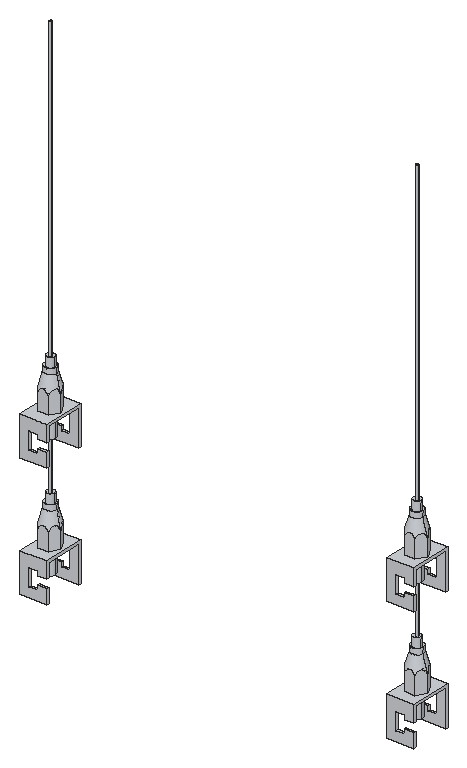
Revit family "Gripple Trapeze Plus with Cable Basket Adaptor - Assembly", category Specialty Equipment, Revit 2017
Family settings
  Round Connector Dimension = Use Diameter
  Part Type = Normal
  Work Plane-Based = Yes
  Always vertical = Yes
  Cut with Voids When Loaded = Yes
  Shared = No
  Room Calculation Point = No
Parameters (values of type "TZ2+ CBA")
  Suspension End Fixing [instance] = ""
  Schedule Discipline [instance] = ""
  Hanger SWL (kg) = "45kg"
  Basket Separation Distance [instance] = 100 mm
  Schedule Level [instance] = ""
  Schedule Area [instance] = ""
  Go to URL [instance] = "http://www.gripple.co.uk/gb/en/p20/a6/trapeze-plus"
  Driver - Lower Basket Distance Wire Length [instance] = Lower Basket Distance From Soffit - 16 mm  # 384 mm
  Basket Size [instance] = 300 mm
  Lower Basket Distance From Soffit [instance] = 400 mm
  URL = "http://www.gripple.co.uk/gb/en/p20/a6/trapeze-plus"
  Model = "TZ2+ CBA"
  Manufacturer = "Gripple Ltd"
  Default Elevation = 0 mm
  Assembly SWL (kg) = "90kg"
  Assembly Code = "MTZ2 CBA"
  1 Tier (N) or 2 Tier (Y) [instance] = yes
Reference planes
  plane 1 "Center (Front/Back)": y = 0
  plane 2: z = 0
  plane 3 "Center (Left/Right)": x = 0
  plane 4 "Upper Basket": z = -300
  plane 5 "Lower TZ+ Fixing Face": z = -384
  plane 6 "LH TZ+": x = -150
  plane 7 "RH TZ+": x = 150
  plane 8 "Lower Basket": z = -400
  plane 9 "Upper TZ+ Fixing Face": z = -284
Lines and regions (mm)
  model lines
    curve 1: line (-150, 0, 0) -> (150, 0, 0)
  model lines, detail levels coarse
    curve 2: line (-150, 0, 0) -> (-150, 0, -400)
    curve 3: line (150, 0, 0) -> (150, 0, -400)
Dimensions and locks
  plane 5 "Lower TZ+ Fixing Face" to plane 2 = 384 mm
  "Basket Separation Distance": plane 4 "Upper Basket" to plane 8 "Lower Basket"
  "Basket Size": plane 7 "RH TZ+" to plane 6 "LH TZ+"
  equal spacing: plane 7 "RH TZ+", plane 3 "Center (Left/Right)", plane 6 "LH TZ+"
  "Lower Basket Distance From Soffit": plane 2 to plane 8 "Lower Basket"
  locked: plane 5 "Lower TZ+ Fixing Face" to plane 8 "Lower Basket" at 16
  locked: plane 9 "Upper TZ+ Fixing Face" to plane 4 "Upper Basket" at 16
  aligned and locked: level to plane 2
  aligned and locked: plane 7 "RH TZ+" to curve 1
  aligned and locked: plane 6 "LH TZ+" to curve 1
  aligned and locked: plane 1 "Center (Front/Back)" to curve 1
  aligned and locked: plane 2 to curve 2
  aligned and locked: plane 8 "Lower Basket" to curve 2
  aligned and locked: curve 2 to plane 6 "LH TZ+"
  aligned and locked: plane 2 to curve 3
  aligned and locked: plane 8 "Lower Basket" to curve 3
  aligned and locked: curve 3 to plane 7 "RH TZ+"
  aligned and locked: plane 6 "LH TZ+" to nested 1
  aligned and locked: plane 1 "Center (Front/Back)" to nested 1
  aligned and locked: plane 7 "RH TZ+" to nested 2
  aligned and locked: plane 1 "Center (Front/Back)" to nested 2
  aligned and locked: plane 5 "Lower TZ+ Fixing Face" to nested 3
  aligned and locked: nested 3 to plane 6 "LH TZ+"
  aligned and locked: nested 4 to plane 7 "RH TZ+"
  aligned and locked: plane 5 "Lower TZ+ Fixing Face" to nested 4
Nested families
  nested 1: "Gripple Trapeze Plus with Cable Basket Adaptor Accessory" at (-150, 0, -284), Schedule Area <- "Schedule Area", Schedule Discipline <- "Schedule Discipline", Schedule Level <- "Schedule Level", visible <- "1 Tier (N) or 2 Tier (Y)", type "MTZ2 - CBA"
    with Schedule Level "", Schedule Discipline "", Schedule Area "", Go To URL "http://www.gripple.co.uk/gb/en/p20/a6/trapeze-plus"
  nested 2: "Gripple Trapeze Plus with Cable Basket Adaptor Accessory" at (150, 0, -284), Schedule Area <- "Schedule Area", Schedule Discipline <- "Schedule Discipline", Schedule Level <- "Schedule Level", visible <- "1 Tier (N) or 2 Tier (Y)", type "MTZ2 - CBA"
    with Schedule Level "", Schedule Discipline "", Schedule Area "", Go To URL "http://www.gripple.co.uk/gb/en/p20/a6/trapeze-plus"
  nested 3: "Gripple Trapeze Plus with Cable Basket Adaptor - Hanger" at (-150, 0, -384), Distance From Upper Fixing <- "Driver - Lower Basket Distance Wire Length", Schedule Area <- "Schedule Area", Schedule Discipline <- "Schedule Discipline", Schedule Level <- "Schedule Level", Suspension End Fixing <- "Suspension End Fixing", type "MTZ2 - CBA"
    with total length 443 mm, Suspension End Fixing "", Schedule Level "", Schedule Discipline "", Schedule Area "", Gripple Kit Length (m) 1 mm, Go To URL "http://www.gripple.co.uk/gb/en/p20/a6/trapeze-plus", Distance From Upper Fixing 384 mm
  nested 4: "Gripple Trapeze Plus with Cable Basket Adaptor - Hanger" at (150, 0, -384), Distance From Upper Fixing <- "Driver - Lower Basket Distance Wire Length", Schedule Area <- "Schedule Area", Schedule Discipline <- "Schedule Discipline", Schedule Level <- "Schedule Level", Suspension End Fixing <- "Suspension End Fixing", type "MTZ2 - CBA"
    with total length 443 mm, Suspension End Fixing "", Schedule Level "", Schedule Discipline "", Schedule Area "", Gripple Kit Length (m) 1 mm, Go To URL "http://www.gripple.co.uk/gb/en/p20/a6/trapeze-plus", Distance From Upper Fixing 384 mm
Definition of nested family "Gripple Trapeze Plus with Cable Basket Adaptor Accessory"
  Parameters (values of type "MTZ2 - CBA")
    WD/2 = WD / 2  # 1 mm
    WD = 2 mm
    UL = 59 mm
    TTD = 6.5 mm
    Schedule Level [instance] = ""
    Schedule Discipline [instance] = ""
    Schedule Area [instance] = ""
    MTL = 20 mm
    MTD = 8 mm
    KNW = 4 mm
    KND = 10 mm
    HH = 14 mm
    BNT = UL - MTL  # 39 mm
    BH = 28 mm
    Go To URL [instance] = "http://www.gripple.co.uk/gb/en/p20/a6/trapeze-plus"
    URL = "http://www.gripple.co.uk/gb/en/p20/a6/trapeze-plus"
    Model = "Trapeze Plus No2 - CBA"
    Manufacturer = "Gripple Ltd"  # constant formula
    Default Elevation = 0 mm
    Assembly Code = "MTZ2 - CBA"
    AF = 15 mm
    AC = ((2 / 3) * (sqrt(3)) * AF)  # 17.321 mm
  Reference planes
    plane 1 "Center (Front/Back)": y = 0
    plane 2: z = 0
    plane 3 "Center (Left/Right)": x = 0
    plane 4: x = -4
    plane 5: x = 4
    plane 6 "bottom": z = -20
    plane 7: y = 7.5
    plane 8: y = -7.5
    plane 9 "top of hex": z = 14
    plane 10: z = 28
    plane 11: z = 32
    plane 12: z = 39
    plane 13: x = -5
    plane 14: x = 5
    plane 15: x = -3.25
    plane 16: x = 3.25
    plane 17: x = -8.66
    plane 18: x = 8.66
    plane 19: z = -32
    plane 20: z = -2
    plane 21: y = -15.5
    plane 22 "Right Face": y = -17.5
    plane 23 "Left Face": y = 17.5
    plane 24: y = 15.5
    plane 25: z = -17
    plane 26: z = -13.5
    plane 27: z = -20.5
    plane 28: x = -3.5
    plane 29: x = 3.5
    plane 30: z = -10
    plane 31: z = -24
  Forms (mm)
    Extrusion 1, solid, detail levels medium+fine
      sketch origin (0, 0, -20) x (-1, 0, 0) y (0, -1, 0)
        loop
          line (4.33, -7.5) -> (8.66, 0) -> (4.33, 7.5) -> (-4.33, 7.5) -> (-8.66, 0) -> (-4.33, -7.5) -> (4.33, -7.5)
      from 0 to 59 <- "UL"
    Revolve 2, void, detail levels medium+fine
      sketch origin (0, 0, 0) x (1, 0, 0) y (0, 0, 1)
        loop
          line (-8.66, 14) -> (-5, 28) -> (-5, 32) -> (-3.25, 32) -> (-3.25, 39) -> (-8.66, 39) -> (-8.66, 14)
        axis (0, 39) -> (0, 14)
      angle from 0 to 360
    Revolve 3, void, detail levels medium+fine
      sketch origin (0, 0, 0) x (1, 0, 0) y (0, 0, 1)
        loop
          line (-8.66, 0) -> (-8.66, -20) -> (-4, -20) -> (-4, 0) -> (-8.66, 0)
        axis (0, -20) -> (0, 0)
      angle from 0 to 360
    Extrusion 4, solid
      sketch origin (0, 0, 0) x (0, 1, 0) y (0, 0, 1)
        loop
          line (17.5, -32) -> (17.5, 0) -> (-17.5, 0) -> (-17.5, -32) -> (-15.5, -32) -> (-15.5, -2) -> (15.5, -2) -> (15.5, -32) -> (17.5, -32)
      from -11 to 11
    Extrusion 5, void
      sketch origin (0, 17.5, 0) x (0, 0, 1) y (-1, 0, 0)
        loop
          line (-13.5, 3.5) -> (-13.5, 11) -> (-20.5, 11) -> (-20.5, 3.5) -> (-24, 3.5) -> (-24, -3.5) -> (-10, -3.5) -> (-10, 3.5) -> (-13.5, 3.5)
      from 0 to 2
    Extrusion 6, void
      sketch origin (0, -17.5, 0) x (0, 0, 1) y (-1, 0, 0)
        loop
          line (-13.5, -11) -> (-13.5, -3.5) -> (-10, -3.5) -> (-10, 3.5) -> (-24, 3.5) -> (-24, -3.5) -> (-20.5, -3.5) -> (-20.5, -11) -> (-13.5, -11)
      from 0 to -2
  Cuts and joins
    Revolve 2, Revolve 3 cuts Extrusion 1
    Extrusion 5, Extrusion 6 cuts Extrusion 4
  Dimensions and locks
    equal spacing: plane 4, plane 3 "Center (Left/Right)", plane 5
    "MTD": plane 4 to plane 5
    "MTL": level to plane 6 "bottom"
    equal spacing: plane 7, plane 1 "Center (Front/Back)", plane 8
    "AF": plane 7 to plane 8
    "HH": plane 9 "top of hex" to level
    "BH": plane 10 to level
    "KNW": plane 11 to plane 10
    equal spacing: plane 14, plane 3 "Center (Left/Right)", plane 13
    equal spacing: plane 16, plane 3 "Center (Left/Right)", plane 15
    "TTD": plane 16 to plane 15
    equal spacing: plane 18, plane 3 "Center (Left/Right)", plane 17
    "AC": plane 18 to plane 17
    "UL": plane 12 to plane 6 "bottom"
    "AF": Extrusion 1 sketch curve to Extrusion 1 sketch curve  (x2)
    equal spacing: Extrusion 1 sketch curve, plane 3 "Center (Left/Right)", Extrusion 1 sketch curve
    "KND": plane 14 to plane 13
    locked: plane 23 "Left Face" to plane 24 at 2
    locked: plane 21 to plane 22 "Right Face" at 2
    locked: plane 23 "Left Face" to plane 22 "Right Face" at 35
    equal spacing: plane 23 "Left Face", plane 1 "Center (Front/Back)", plane 22 "Right Face"
    locked: level to plane 20 at 2
    locked: level to plane 19 at 32
    equal spacing: plane 20, plane 25, plane 19
    locked: plane 26 to plane 27 at 7
    equal spacing: plane 26, plane 25, plane 27
    locked: plane 29 to plane 28 at 7
    equal spacing: plane 29, plane 3 "Center (Left/Right)", plane 28
    aligned and locked: level to plane 2
    aligned and locked: plane 7 to Extrusion 1 sketch curve
    aligned and locked: Extrusion 1 sketch curve to plane 8
    aligned and locked: Revolve 2 sketch curve to plane 12
    aligned and locked: Revolve 2 sketch curve to plane 13
    aligned and locked: plane 11 to Revolve 2 sketch curve
    aligned and locked: Revolve 2 sketch curve to plane 15
    aligned and locked: level to Revolve 3 sketch curve
    aligned and locked: Revolve 3 sketch curve to plane 4
    aligned and locked: Revolve 3 sketch curve to plane 6 "bottom"
    aligned and locked: Revolve 3 sketch curve to plane 17
    aligned and locked: Revolve 2 sketch curve to Revolve 2 sketch curve
    aligned and locked: plane 17 to Revolve 2 sketch curve
    aligned and locked: plane 19 to Extrusion 4 sketch curve  (x2)
    aligned and locked: Extrusion 4 sketch curve to level
    aligned and locked: plane 20 to Extrusion 4 sketch curve
    aligned and locked: Extrusion 4 sketch curve to plane 24
    aligned and locked: plane 23 "Left Face" to Extrusion 4 sketch curve
    aligned and locked: plane 21 to Extrusion 4 sketch curve
    aligned and locked: Extrusion 4 sketch curve to plane 22 "Right Face"
    aligned and locked: Extrusion 4 to Extrusion 5 sketch curve
    aligned and locked: plane 29 to Extrusion 5 sketch curve
    aligned and locked: Extrusion 5 sketch curve to plane 30
    aligned and locked: plane 31 to Extrusion 5 sketch curve
    aligned and locked: Extrusion 5 sketch curve to plane 28  (x2)
    aligned and locked: plane 27 to Extrusion 5 sketch curve
    aligned and locked: Extrusion 5 sketch curve to plane 26
    aligned and locked: plane 26 to Extrusion 6 sketch curve
    aligned and locked: plane 27 to Extrusion 6 sketch curve
    aligned and locked: cut or joined group of Extrusion 4, Extrusion 5, Extrusion 6 to Extrusion 6 sketch curve
    aligned and locked: plane 29 to Extrusion 6 sketch curve  (x2)
    aligned and locked: Extrusion 6 sketch curve to plane 28
    aligned and locked: Extrusion 6 sketch curve to plane 30
    aligned and locked: plane 31 to Extrusion 6 sketch curve
  Automatic sketch dimensions
    plane 1 "Center (Front/Back)" to Extrusion 1 sketch curve = 0 mm  (x2)
    Extrusion 1 sketch curve to plane 18 = 0 mm
    Revolve 3 sketch curve to plane 3 "Center (Left/Right)" = 0 mm
    Revolve 3 sketch curve to plane 6 "bottom" = 0 mm
    Revolve 3 sketch curve to plane 12 = 0 mm
    Revolve 2 sketch curve to plane 3 "Center (Left/Right)" = 0 mm
    Revolve 2 sketch curve to plane 6 "bottom" = 0 mm
    Revolve 2 sketch curve to plane 9 "top of hex" = 0 mm
    Revolve 2 sketch curve to plane 10 = 0 mm
Definition of nested family "Gripple Trapeze Plus with Cable Basket Adaptor - Hanger"
  Parameters (values of type "MTZ2 - CBA")
    WD/2 = WD / 2  # 1 mm
    WD = 2 mm
    total length [instance] = UL + Distance From Upper Fixing  # 159 mm
    UL = 59 mm
    TTD = 6.5 mm
    Suspension End Fixing [instance] = ""
    Schedule Level [instance] = ""
    Schedule Discipline [instance] = ""
    Schedule Area [instance] = ""
    MTL = 20 mm
    MTD = 8 mm
    KNW = 4 mm
    KND = 10 mm
    Hanger SWL (kg) = "45kg"
    HH = 14 mm
    BNT = UL - MTL  # 39 mm
    BH = 28 mm
    Gripple Kit Length (m) [instance] = roundup((Distance From Upper Fixing + (50 mm / 1)) / 1000 mm / 1) * 1 mm  # 1 mm
    Go To URL [instance] = "http://www.gripple.co.uk/gb/en/p20/a6/trapeze-plus"
    Distance From Upper Fixing [instance] = 100 mm
    URL = "http://www.gripple.co.uk/gb/en/p20/a6/trapeze-plus"
    Model = "Trapeze Plus No2 - CBA"
    Manufacturer = "Gripple Ltd"  # constant formula
    Default Elevation = 0 mm
    Assembly Code = "MTZ2 - CBA"
    AF = 15 mm
    AC = ((2 / 3) * (sqrt(3)) * AF)  # 17.321 mm
  Reference planes
    plane 1 "Center (Front/Back)": y = 0
    plane 2: z = 0
    plane 3 "Center (Left/Right)": x = 0
    plane 4: x = -4
    plane 5: x = 4
    plane 6 "bottom": z = -20
    plane 7: y = 7.5
    plane 8: y = -7.5
    plane 9 "top of hex": z = 14
    plane 10: z = 28
    plane 11: z = 32
    plane 12: z = 39
    plane 13: x = -5
    plane 14: x = 5
    plane 15: x = -3.25
    plane 16: x = 3.25
    plane 17: x = -8.66
    plane 18: x = 8.66
    plane 19 "Wire Top": z = 100
    plane 20: z = -32
    plane 21: z = -2
    plane 22: y = -15.5
    plane 23 "Right Face": y = -17.5
    plane 24 "Left Face": y = 17.5
    plane 25: y = 15.5
    plane 26: z = -17
    plane 27: z = -13.5
    plane 28: z = -20.5
    plane 29: x = -3.5
    plane 30: x = 3.5
    plane 31: z = -10
    plane 32: z = -24
  Forms (mm)
    Extrusion 1, solid, detail levels medium+fine
      sketch origin (0, 0, -20) x (-1, 0, 0) y (0, -1, 0)
        loop
          line (4.33, -7.5) -> (8.66, 0) -> (4.33, 7.5) -> (-4.33, 7.5) -> (-8.66, 0) -> (-4.33, -7.5) -> (4.33, -7.5)
      from 0 to 59 <- "UL"
    Revolve 2, void, detail levels medium+fine
      sketch origin (0, 0, 0) x (1, 0, 0) y (0, 0, 1)
        loop
          line (-8.66, 14) -> (-5, 28) -> (-5, 32) -> (-3.25, 32) -> (-3.25, 39) -> (-8.66, 39) -> (-8.66, 14)
        axis (0, 39) -> (0, 14)
      angle from 0 to 360
    Revolve 3, void, detail levels medium+fine
      sketch origin (0, 0, 0) x (1, 0, 0) y (0, 0, 1)
        loop
          line (-8.66, 0) -> (-8.66, -20) -> (-4, -20) -> (-4, 0) -> (-8.66, 0)
        axis (0, -20) -> (0, 0)
      angle from 0 to 360
    Revolve 4, solid, detail levels fine
      sketch origin (0, 0, 0) x (1, 0, 0) y (0, 0, 1)
        loop
          line (0, 39) -> (0, 100) -> (-1, 100) -> (-1, 39) -> (0, 39)
        axis (0, 39) -> (0, 100)
      angle from 0 to 360
    Extrusion 5, solid, detail levels medium+fine
      sketch origin (0, 0, 0) x (0, 1, 0) y (0, 0, 1)
        loop
          line (17.5, -32) -> (17.5, 0) -> (-17.5, 0) -> (-17.5, -32) -> (-15.5, -32) -> (-15.5, -2) -> (15.5, -2) -> (15.5, -32) -> (17.5, -32)
      from -11 to 11
    Extrusion 6, void
      sketch origin (0, 17.5, 0) x (0, 0, 1) y (-1, 0, 0)
        loop
          line (-13.5, 3.5) -> (-13.5, 11) -> (-20.5, 11) -> (-20.5, 3.5) -> (-24, 3.5) -> (-24, -3.5) -> (-10, -3.5) -> (-10, 3.5) -> (-13.5, 3.5)
      from 0 to 2
    Extrusion 7, void
      sketch origin (0, -17.5, 0) x (0, 0, 1) y (-1, 0, 0)
        loop
          line (-13.5, -11) -> (-13.5, -3.5) -> (-10, -3.5) -> (-10, 3.5) -> (-24, 3.5) -> (-24, -3.5) -> (-20.5, -3.5) -> (-20.5, -11) -> (-13.5, -11)
      from 0 to -2
  Cuts and joins
    Revolve 2, Revolve 3 cuts Extrusion 1
    Extrusion 6, Extrusion 7 cuts Extrusion 5
  Lines and regions (mm)
    model lines, detail levels coarse+medium
      curve 1: line (0, 0, 100) -> (0, 0, -20)
  Dimensions and locks
    equal spacing: plane 4, plane 3 "Center (Left/Right)", plane 5
    "MTD": plane 4 to plane 5
    "MTL": level to plane 6 "bottom"
    equal spacing: plane 7, plane 1 "Center (Front/Back)", plane 8
    "AF": plane 7 to plane 8
    "HH": plane 9 "top of hex" to level
    "BH": plane 10 to level
    "KNW": plane 11 to plane 10
    equal spacing: plane 14, plane 3 "Center (Left/Right)", plane 13
    equal spacing: plane 16, plane 3 "Center (Left/Right)", plane 15
    "TTD": plane 16 to plane 15
    equal spacing: plane 18, plane 3 "Center (Left/Right)", plane 17
    "AC": plane 18 to plane 17
    "UL": plane 12 to plane 6 "bottom"
    "AF": Extrusion 1 sketch curve to Extrusion 1 sketch curve  (x2)
    equal spacing: Extrusion 1 sketch curve, plane 3 "Center (Left/Right)", Extrusion 1 sketch curve
    "Distance From Upper Fixing": plane 19 "Wire Top" to level
    "WD/2": Revolve 4 sketch curve to Revolve 4 sketch curve
    "KND": plane 14 to plane 13
    locked: plane 24 "Left Face" to plane 25 at 2
    locked: plane 22 to plane 23 "Right Face" at 2
    locked: plane 24 "Left Face" to plane 23 "Right Face" at 35
    equal spacing: plane 24 "Left Face", plane 1 "Center (Front/Back)", plane 23 "Right Face"
    locked: level to plane 21 at 2
    locked: level to plane 20 at 32
    equal spacing: plane 21, plane 26, plane 20
    locked: plane 27 to plane 28 at 7
    equal spacing: plane 27, plane 26, plane 28
    locked: plane 30 to plane 29 at 7
    equal spacing: plane 30, plane 3 "Center (Left/Right)", plane 29
    aligned and locked: level to plane 2
    aligned and locked: plane 7 to Extrusion 1 sketch curve
    aligned and locked: Extrusion 1 sketch curve to plane 8
    aligned and locked: Revolve 2 sketch curve to plane 12
    aligned and locked: Revolve 2 sketch curve to plane 13
    aligned and locked: plane 11 to Revolve 2 sketch curve
    aligned and locked: Revolve 2 sketch curve to plane 15
    aligned and locked: plane 3 "Center (Left/Right)" to Revolve 4 sketch curve  (x2)
    aligned and locked: plane 19 "Wire Top" to Revolve 4 sketch curve
    aligned and locked: Revolve 4 sketch curve to plane 12
    aligned and locked: level to Revolve 3 sketch curve
    aligned and locked: Revolve 3 sketch curve to plane 4
    aligned and locked: Revolve 3 sketch curve to plane 6 "bottom"
    aligned and locked: Revolve 3 sketch curve to plane 17
    aligned and locked: Revolve 2 sketch curve to Revolve 2 sketch curve
    aligned and locked: plane 17 to Revolve 2 sketch curve
    aligned and locked: plane 19 "Wire Top" to curve 1
    aligned and locked: curve 1 to plane 3 "Center (Left/Right)"
    aligned and locked: plane 6 "bottom" to curve 1
    aligned and locked: plane 20 to Extrusion 5 sketch curve  (x2)
    aligned and locked: Extrusion 5 sketch curve to level
    aligned and locked: plane 21 to Extrusion 5 sketch curve
    aligned and locked: Extrusion 5 sketch curve to plane 25
    aligned and locked: plane 24 "Left Face" to Extrusion 5 sketch curve
    aligned and locked: plane 22 to Extrusion 5 sketch curve
    aligned and locked: Extrusion 5 sketch curve to plane 23 "Right Face"
    aligned and locked: Extrusion 5 to Extrusion 6 sketch curve
    aligned and locked: plane 30 to Extrusion 6 sketch curve
    aligned and locked: Extrusion 6 sketch curve to plane 31
    aligned and locked: plane 32 to Extrusion 6 sketch curve
    aligned and locked: Extrusion 6 sketch curve to plane 29  (x2)
    aligned and locked: plane 28 to Extrusion 6 sketch curve
    aligned and locked: Extrusion 6 sketch curve to plane 27
    aligned and locked: plane 27 to Extrusion 7 sketch curve
    aligned and locked: plane 28 to Extrusion 7 sketch curve
    aligned and locked: cut or joined group of Extrusion 5, Extrusion 6, Extrusion 7 to Extrusion 7 sketch curve
    aligned and locked: plane 30 to Extrusion 7 sketch curve  (x2)
    aligned and locked: Extrusion 7 sketch curve to plane 29
    aligned and locked: Extrusion 7 sketch curve to plane 31
    aligned and locked: plane 32 to Extrusion 7 sketch curve
  Automatic sketch dimensions
    plane 1 "Center (Front/Back)" to Extrusion 1 sketch curve = 0 mm  (x2)
    Extrusion 1 sketch curve to plane 18 = 0 mm
    Revolve 3 sketch curve to plane 3 "Center (Left/Right)" = 0 mm
    Revolve 3 sketch curve to plane 6 "bottom" = 0 mm
    Revolve 3 sketch curve to plane 12 = 0 mm
    Revolve 2 sketch curve to plane 3 "Center (Left/Right)" = 0 mm
    Revolve 2 sketch curve to plane 6 "bottom" = 0 mm
    Revolve 2 sketch curve to plane 9 "top of hex" = 0 mm
    Revolve 2 sketch curve to plane 10 = 0 mm
    Revolve 4 sketch curve to plane 9 "top of hex" = 1.372 mm
    Revolve 4 sketch curve to Revolve 4 sketch curve = 10.737 mm
